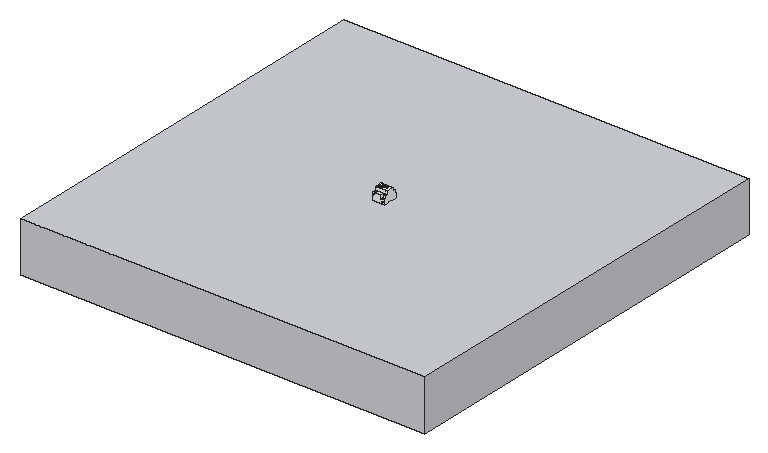
Revit family "Gira_102400", category Elektroinstallationen, Revit 2017
Family settings
  Basisbauteil = Fläche
  Beschriftungsausrichtung beibehalten = Nein
  Bemaßung runder Anschluss = Durchmesser verwenden
  Teiletyp = Normal
  Beim Laden mit Abzugskörper schneiden = Nein
  Gemeinsam genutzt = Nein
  Raumberechnungspunkt = Nein
Parameters (values of type "Spannungsversorgung AC 24 V 1 A REG Zubehör")
  Zusammenstellung = ""
  Zulassung nach PTB = no
  Default Elevation = 1219.2 mm
  Vor Ort-/Handbedienung = no
  URL = "https://www.gira.de/"
  Typname = "Spannungsversorgung AC 24 V 1 A REG Zubehör"
  Type Comments = ""
  Tarifumschaltung = no
  Schutzart (IP) = ""
  S0 Impulsschnittstelle = ""
  Produktseite = "https://media.stage.bim.site/t/eyJhbGciOiJIUzI1NiIsInR5cCI6IkpXVCJ9.eyJjdCI6MiwidHUiOiJodHRwOi8va2F0YWxvZy5naXJhLmRlL2RlX0RFL2RhdGVuYmxhdHQuaHRtbD9hcnRpa2VsbnI9MTAyNDAwIiwiY2lkIjoiMzI3N2NjMjMtODFhOS00ZWUzLWE5MGEtYjQ3YmI0YzBiNjE2IiwicmlkIjoiZjgxYWY4ZmJmMWNiMDM0N2JiMjY1YTUzZTY3MWJjYmUiLCJwaWQiOiJmYjZhODg1OTZhNTliOTIxNjhlZDJmZTBmMDgyMzY1MDNiNGEwY2M3Iiwic2lkIjoiNjM0NzAiLCJ1dCI6MSwibGMiOiJkZSIsImlhdCI6MTYwMDkzMjQ1OCwiaXNzIjoiaHR0cHM6Ly9hcGkubGl2ZS5iaW0uc2l0ZSIsInN1YiI6ImFkbWluQGJpbXNpdGUuZGV2In0.dheujXF4Pi5jsft8hQmiGhrUfi_spqNmbik-tPKbq5M"
  Montageart = "REG"
  Model = ""
  Mit LED-Anzeige = no
  Mit Busankopplung = no
  Max. Anzahl der Schaltausgänge = 0
  Kosten = 0
  Hersteller = "Gira"
  HeinzeBIM = "https://www.heinze.de/bim/spannungsversorgung-ac-24-v-1-a-reg-zubehoer/fb6a88596a59b92168ed2fe0f08236503b4a0cc7"
  HAN = "102400"
  Geeignet für C-Last = no
  GTIN = "4010337010715"
  Datenblatt 1 = "https://media.stage.bim.site/t/eyJhbGciOiJIUzI1NiIsInR5cCI6IkpXVCJ9.eyJjdCI6MSwidGYiOiJwdWJsaWMvZ2lyYS9hZThjNTU3LzEwMjQwMC50eHQiLCJjaWQiOiIzMjc3Y2MyMy04MWE5LTRlZTMtYTkwYS1iNDdiYjRjMGI2MTYiLCJyaWQiOiJmODFhZjhmYmYxY2IwMzQ3YmIyNjVhNTNlNjcxYmNiZSIsInBpZCI6ImZiNmE4ODU5NmE1OWI5MjE2OGVkMmZlMGYwODIzNjUwM2I0YTBjYzciLCJzaWQiOiI2MzQ3MCIsInV0IjoxLCJsYyI6ImRlIiwiaWF0IjoxNjAwOTMyNDU4LCJpc3MiOiJodHRwczovL2FwaS5saXZlLmJpbS5zaXRlIiwic3ViIjoiYWRtaW5AYmltc2l0ZS5kZXYifQ.N3GFtWE3m6hMUJ3aRPP6X4vih2ZrqaFMCIaa08Mx5gI/102400.txt"
  Datenblatt = "https://media.stage.bim.site/t/eyJhbGciOiJIUzI1NiIsInR5cCI6IkpXVCJ9.eyJjdCI6MSwidHUiOiJodHRwczovL2thdGFsb2cuZ2lyYS5kZS9kZV9ERS9kb3dubG9hZC5odG1sP2FydGlrZWxucj0xMDI0MDAiLCJjaWQiOiIzMjc3Y2MyMy04MWE5LTRlZTMtYTkwYS1iNDdiYjRjMGI2MTYiLCJyaWQiOiJmODFhZjhmYmYxY2IwMzQ3YmIyNjVhNTNlNjcxYmNiZSIsInBpZCI6ImZiNmE4ODU5NmE1OWI5MjE2OGVkMmZlMGYwODIzNjUwM2I0YTBjYzciLCJzaWQiOiI2MzQ3MCIsInV0IjoxLCJsYyI6ImRlIiwiaWF0IjoxNjAwOTMyNDU4LCJpc3MiOiJodHRwczovL2FwaS5saXZlLmJpbS5zaXRlIiwic3ViIjoiYWRtaW5AYmltc2l0ZS5kZXYifQ.JLMSZd8YFqRwD56yJi1Ph3EIt0dlij2Y4-hW3mBQtaQ"
  Bussystem Powernet = no
  Bussystem LON = no
  Bussystem KNX-Funk = no
  Bussystem KNX = no
  Bussystem Funkbus = no
  Busspannung pufferbar = no
  Busfähig = ""
  Breite in Teilungseinheiten = 4
  Blindleistung = no
  Beschreibung = "Spannungsversorgung AC 24 V 1 A  REG Merkmale:  Spannungsversorgung für die Wetterstation und die eingebaute Heizung des Windsensors 0 - 10 V, Regensensor 0   10 V usw."
  Assembly Code = ""
  Keynote = ""
  BIMSITE_PRODUCT_ID = "fb6a88596a59b92168ed2fe0f08236503b4a0cc7"
  BIM = "https://media.stage.bim.site/t/eyJhbGciOiJIUzI1NiIsInR5cCI6IkpXVCJ9.eyJjdCI6MSwidGYiOiJwdWJsaWMvZ2lyYS9hZThjNTU3L1JFRyA4Zi5yZmEiLCJjaWQiOiIzMjc3Y2MyMy04MWE5LTRlZTMtYTkwYS1iNDdiYjRjMGI2MTYiLCJyaWQiOiJmODFhZjhmYmYxY2IwMzQ3YmIyNjVhNTNlNjcxYmNiZSIsInBpZCI6ImZiNmE4ODU5NmE1OWI5MjE2OGVkMmZlMGYwODIzNjUwM2I0YTBjYzciLCJzaWQiOiI2MzQ3MCIsInV0Ijo1LCJsYyI6ImRlIiwiaWF0IjoxNjAwOTMyNDU4LCJpc3MiOiJodHRwczovL2FwaS5saXZlLmJpbS5zaXRlIiwic3ViIjoiYWRtaW5AYmltc2l0ZS5kZXYifQ.IeRKGwlaTBP6x3GnX3SfA70uPcxIt15-soPEy5FRJBU/REG 8f.rfa"
  Ausgangsstrom [Ampere] = ""
  Ausgangsspannung [Volt] = ""
  Ausführung Text = ""
  Art der Spannungsversorgung = ""
  Anzahl der binären Eingänge = 0
  Anzahl der Ausgänge = 0
  Anschlussart = ""
  Andere Bussysteme = "ohne"
Reference planes
  plane 1 "Center (Front/Back)": y = 0
  plane 2: z = 0
  plane 3 "Center (Left/Right)": x = 0
Forms (mm)
  Extrusion 1, solid
    sketch origin (0, 0, 0) x (1, 0, 0) y (0, 1, 0)
      loop
        line (-1219.2, 1219.2) -> (-1219.2, -1219.2) -> (1219.2, -1219.2) -> (1219.2, 1219.2) -> (-1219.2, 1219.2)
    from 0 to -304.8
  Extrusion 2, solid, material "White", detail levels fine
    sketch origin (0, 0, 0) x (0, 1, 0) y (0, 0, 1)
      loop
        line (45.125, -2.619) -> (45.125, 24.95) -> (33.875, 24.95) -> (33.875, 43.8) -> (22.575, 43.8) -> (22.575, 62.05)
        arc (22.575, 62.05) -> (22.311, 62.686) -> (21.675, 62.95) r 0.9
        line (21.675, 62.95) -> (-21.175, 62.95)
        arc (-21.175, 62.95) -> (-21.785, 62.758) -> (-22.175, 62.25) r 1.064
        line (-22.175, 62.25) -> (-22.175, 43.8) -> (-44.725, 43.8) -> (-44.725, -2.619)
        arc (-44.725, -2.619) -> (-31.081, -5.433) -> (-17.243, -7.049) r 160
        line (-17.243, -7.049) -> (-13.165, -1.734) -> (-16.399, -0.807) -> (-16.399, 0) -> (17.8, 0) -> (17.8, -1.4) -> (16.8, -1.4) -> (14.749, -4.952)
        arc (14.749, -4.952) -> (18.64, -6.184) -> (22.7, -6.6) r 20
        arc (22.7, -6.6) -> (33.983, -5.009) -> (45.125, -2.619) r 160
    from -36 to 36
  Extrusion 3, void, detail levels fine
    sketch origin (0, 0, 0) x (1, 0, 0) y (0, 1, 0)
      loop
        circle (30, 26.925) r 2.55
      loop
        circle (21.75, 26.925) r 2.55
      loop
        circle (12.75, 26.925) r 2.55
      loop
        circle (4.5, 26.925) r 2.55
      loop
        circle (-4.5, 26.925) r 2.55
      loop
        circle (-12.75, 26.925) r 2.55
      loop
        circle (-21.75, 26.925) r 2.55
      loop
        circle (-30, 26.925) r 2.55
    from 37.936 to 43.8
  Extrusion 4, void, detail levels fine
    sketch origin (0, 11.25, -18.85) x (1, 0, 0) y (0, 1, 0)
      loop
        circle (30, 26.925) r 2.55
      loop
        circle (21.75, 26.925) r 2.55
      loop
        circle (12.75, 26.925) r 2.55
      loop
        circle (4.5, 26.925) r 2.55
      loop
        circle (-4.5, 26.925) r 2.55
      loop
        circle (-12.75, 26.925) r 2.55
      loop
        circle (-21.75, 26.925) r 2.55
      loop
        circle (-30, 26.925) r 2.55
    from 37.936 to 43.8
  Extrusion 5, void, detail levels fine
    sketch origin (0, 0, 0) x (1, 0, 0) y (0, 1, 0)
      loop
        circle (-13, -3.875) r 3
      loop
        circle (-23, -3.875) r 3
      loop
        circle (-23, -13.875) r 3
      loop
        circle (-13, -13.875) r 3
      loop
        circle (-29, -3.875) r 1.575
      loop
        circle (-29, -13.875) r 1.575
      loop
        circle (-7, -13.875) r 1.575
      loop
        circle (-15.4, 5.325) r 1.625
      loop
        circle (-11, 5.325) r 1.575
      loop
        circle (-6.6, 5.325) r 1.625
      loop
        circle (-2.2, 5.325) r 1.625
      loop
        circle (2.2, 5.325) r 1.625
      loop
        circle (6.6, 5.325) r 1.625
      loop
        circle (11, 5.325) r 1.575
      loop
        circle (15.4, 5.325) r 1.625
    from 58.253 to 62.95
  Extrusion 6, void, detail levels fine
    sketch origin (0, 0, 0) x (1, 0, 0) y (0, 1, 0)
      loop
        line (-32.175, -32.6) -> (-32.175, -34.9) -> (-31.24, -34.36) -> (-31.401, -37.165) -> (-32.175, -36.7) -> (-32.175, -44.875) -> (-20.175, -44.875) -> (-20.175, -37.33) -> (-19.075, -37.965) -> (-19.075, -33.635) -> (-20.175, -34.27) -> (-20.175, -32.6) -> (-32.175, -32.6)
    from 28.5 to 43.8
  Extrusion 7, solid, detail levels fine
    sketch origin (0, 0, 0) x (1, 0, 0) y (0, 1, 0)
      loop
        circle (-29.375, -36.2) r 0.5
      loop
        circle (-23.575, -36.2) r 0.5
    from 28.5 to 37.5
  Extrusion 8, void, detail levels fine
    sketch origin (0, 0, 0) x (1, 0, 0) y (0, 1, 0)
      loop
        line (15.289, -31.489) -> (15.289, -44.875) -> (36, -44.875) -> (36, -31.489) -> (15.289, -31.489)
    from 25 to 43.8
  Extrusion 9, void, detail levels fine
    sketch origin (0, 0, 0) x (1, 0, 0) y (0, 1, 0)
      loop
        circle (21.75, -37.925) r 2.55
      loop
        circle (30, -37.925) r 2.55
    from 19.086 to 24.95
  Extrusion 10, void, detail levels fine
    sketch origin (0, 0, 0) x (1, 0, 0) y (0, 0, 1)
      loop
        line (32.368, 26.75) -> (32.35, 28.865) -> (32.319, 32.45) -> (27.731, 32.45) -> (27.682, 26.75) -> (32.368, 26.75)
      loop
        line (24.118, 26.75) -> (24.1, 28.865) -> (24.069, 32.45) -> (19.481, 32.45) -> (19.432, 26.75) -> (24.118, 26.75)
      loop
        line (15.118, 26.75) -> (15.1, 28.865) -> (15.069, 32.45) -> (10.481, 32.45) -> (10.432, 26.75) -> (15.118, 26.75)
      loop
        line (6.868, 26.75) -> (6.85, 28.865) -> (6.819, 32.45) -> (2.231, 32.45) -> (2.182, 26.75) -> (6.868, 26.75)
      loop
        line (-2.182, 26.75) -> (-2.2, 28.865) -> (-2.231, 32.45) -> (-6.819, 32.45) -> (-6.868, 26.75) -> (-2.182, 26.75)
      loop
        line (-10.432, 26.75) -> (-10.45, 28.865) -> (-10.481, 32.45) -> (-15.069, 32.45) -> (-15.118, 26.75) -> (-10.432, 26.75)
      loop
        line (-19.35, 26.75) -> (-19.369, 28.865) -> (-19.4, 32.45) -> (-23.987, 32.45) -> (-24.037, 26.75) -> (-19.35, 26.75)
      loop
        line (-27.682, 26.75) -> (-27.7, 28.865) -> (-27.731, 32.45) -> (-32.319, 32.45) -> (-32.368, 26.75) -> (-27.682, 26.75)
    from -29.206 to -33.875
  Extrusion 11, void, detail levels fine
    sketch origin (0, 11.25, -19.567) x (1, 0, 0) y (0, 0, 1)
      loop
        line (32.368, 26.75) -> (32.35, 28.865) -> (32.319, 32.45) -> (27.731, 32.45) -> (27.682, 26.75) -> (32.368, 26.75)
      loop
        line (24.118, 26.75) -> (24.1, 28.865) -> (24.069, 32.45) -> (19.481, 32.45) -> (19.432, 26.75) -> (24.118, 26.75)
      loop
        line (15.118, 26.75) -> (15.1, 28.865) -> (15.069, 32.45) -> (10.481, 32.45) -> (10.432, 26.75) -> (15.118, 26.75)
      loop
        line (6.868, 26.75) -> (6.85, 28.865) -> (6.819, 32.45) -> (2.231, 32.45) -> (2.182, 26.75) -> (6.868, 26.75)
      loop
        line (-2.182, 26.75) -> (-2.2, 28.865) -> (-2.231, 32.45) -> (-6.819, 32.45) -> (-6.868, 26.75) -> (-2.182, 26.75)
      loop
        line (-10.432, 26.75) -> (-10.45, 28.865) -> (-10.481, 32.45) -> (-15.069, 32.45) -> (-15.118, 26.75) -> (-10.432, 26.75)
      loop
        line (-19.35, 26.75) -> (-19.369, 28.865) -> (-19.4, 32.45) -> (-23.987, 32.45) -> (-24.037, 26.75) -> (-19.35, 26.75)
      loop
        line (-27.682, 26.75) -> (-27.7, 28.865) -> (-27.731, 32.45) -> (-32.319, 32.45) -> (-32.368, 26.75) -> (-27.682, 26.75)
    from -29.206 to -33.875
  Extrusion 12, void, detail levels fine
    sketch origin (0, 0, 0) x (1, 0, 0) y (0, 0, 1)
      loop
        line (32.319, 12.883) -> (27.731, 12.883) -> (27.682, 7.183) -> (32.368, 7.183) -> (32.35, 9.298) -> (32.319, 12.883)
      loop
        line (24.069, 12.883) -> (19.481, 12.883) -> (19.432, 7.183) -> (24.118, 7.183) -> (24.1, 9.298) -> (24.069, 12.883)
    from 40.588 to 44.725
  Extrusion 13, solid, material "White", detail levels fine
    sketch origin (0, 0, 0) x (1, 0, 0) y (0, 1, 0)
      loop
        circle (-15.4, 5.325) r 1.625
      loop
        circle (-11, 5.325) r 1.575
      loop
        circle (-6.6, 5.325) r 1.625
      loop
        circle (-2.2, 5.325) r 1.625
      loop
        circle (2.2, 5.325) r 1.625
      loop
        circle (6.6, 5.325) r 1.625
      loop
        circle (11, 5.325) r 1.575
      loop
        circle (15.4, 5.325) r 1.625
      loop
        circle (-29, -3.875) r 1.575
      loop
        circle (-29, -13.875) r 1.575
      loop
        circle (-7, -13.875) r 1.575
    from 58.253 to 62.25
  Extrusion 14, solid, material "White", detail levels fine
    sketch origin (0, 0, 0) x (1, 0, 0) y (0, 1, 0)
      loop
        circle (-23, -3.875) r 3
      loop
        circle (-13, -3.875) r 3
      loop
        circle (-23, -13.875) r 3
      loop
        circle (-13, -13.875) r 3
    from 58.253 to 63.841
  Extrusion 15, solid, material "White", detail levels medium
    sketch origin (0, 0, 0) x (0, 1, 0) y (0, 0, 1)
      loop
        line (45.125, -7.049) -> (45.125, 24.95) -> (33.875, 24.95) -> (33.875, 43.8) -> (22.575, 43.8) -> (22.575, 63.841) -> (-22.175, 63.841) -> (-22.175, 43.8) -> (-44.725, 43.8) -> (-44.725, -7.049) -> (45.125, -7.049)
    from -36 to 36
  Extrusion 16, solid, material "White", detail levels coarse
    sketch origin (0, 0, 0) x (0, 1, 0) y (0, 0, 1)
      loop
        line (45.125, -7.049) -> (45.125, 63.841) -> (-44.725, 63.841) -> (-44.725, -7.049) -> (45.125, -7.049)
    from -36 to 36
Cuts and joins
  Extrusion 3, Extrusion 4, Extrusion 5, Extrusion 6, Extrusion 8, Extrusion 9, Extrusion 10, Extrusion 11, Extrusion 12 cuts Extrusion 2
Dimensions and locks
  aligned and locked: plane 2 to Extrusion 1
  aligned and locked: level to Extrusion 1
